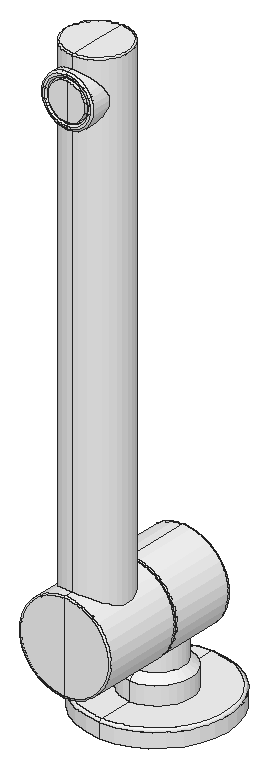
Revit family "Reece_Tap_Posh_Solus MK2_Bath Outlet_Swivel", category Plumbing Fixtures, host Face, Revit 2018
Family settings
  Host = Face
  Round Connector Dimension = Use Diameter
  Part Type = Normal
  Cut with Voids When Loaded = No
  Shared = Yes
  Room Calculation Point = Yes
Parameters
  WFU = 0  # constant formula
  URL = "https://www.reece.com.au/product/-9508300"
  Type Comments = "Tap"
  Reece_Tap_Reach = 227 mm  # constant formula
  Reece_Tap_Inlet = 12 mm  # constant formula
  Reece_Product_Web Page = "https://www.reece.com.au/product/-9508300"
  Reece_Product_Type = "Tap"  # constant formula
  Reece_Product_Sub Brand = "Solus"  # constant formula
  Reece_Product_Number = "9508300"
  Reece_Product_Mount = "Wall Mounted"
  Reece_Product_Description = "Posh Solus MK2 Swivel Bath Outlet Chrome"
  Reece_Product_Brand = "Posh"  # constant formula
  Reece_Overall_Length = 242 mm  # constant formula
  Reece_Overall_Height = 72 mm  # constant formula
  Reece_Material-Main = Reece_Brass_Chrome
  Reece_Detail_Installation = ""
  Reece_Detail_Disclaimer = "THIS FILE IS THE PROPERTY OF THE REECE GROUP. IT MAY NOT BE REPRODUCED, REVERSE-ENGINEERED OR MODIFIED. ANY REPUBLICATION, TRANSMISSION OR DISTRIBUTION FOR THE PURPOSE OF COMMERCIALLY EXPLOITING THE FILES IS PROHIBITED."  # constant formula
  Reece_Detail_Connector = ""
  Reece_Detail_Additional = ""
  Model = "Solus"
  Manufacturer = "Posh"
  Keynote = "Product #9508300, Reece_Tap_Posh_Solus MK2_Bath Outlet_Swivel -  "
  HWFU = 0  # constant formula
  Disclaimer = "THIS FILE IS THE PROPERTY OF THE REECE GROUP. IT MAY NOT BE REPRODUCED, REVERSE-ENGINEERED OR MODIFIED. ANY REPUBLICATION, TRANSMISSION OR DISTRIBUTION FOR THE PURPOSE OF COMMERCIALLY EXPLOITING THE FILES IS PROHIBITED."  # constant formula
  Description = "Posh Solus MK2 Swivel Bath Outlet Chrome"
  Default Elevation = 1000 mm
  CWFU = 0  # constant formula
Types (2, lengths in mm): name | Keynote
  (no name) | "Product #9508300, Reece_Tap_Posh_Solus MK2_Bath Outlet_Swivel -  "
  242 mm_Chrome | "Product #9508300, Reece_Tap_Posh_Solus MK2_Bath Outlet_Swivel - 242 mm_Chrome"
Reference planes
  plane 1 "Center (Front/Back)": y = 0
  plane 2 "Bottom": z = 0
  plane 3 "Center (Left/Right)": x = 0
  plane 4: y = 27.5
  plane 5: y = -44.5
  plane 6: z = 227
  plane 7: z = 242
Forms (mm)
  Revolve 1, solid, material "Reece_Brass_Chrome" <- "Reece_Material-Main"
    sketch origin (0, 200, -2) x (0, 1, 0) y (0, 0, 1)
      loop
        line (-228.75, 244) -> (-240.25, 244)
        arc (-240.25, 244) -> (-240.604, 243.854) -> (-240.75, 243.5) r 0.5
        line (-240.75, 243.5) -> (-240.75, 49) -> (-239.75, 49) -> (-239.75, 242.5) -> (-228.75, 242.5) -> (-228.75, 244)
      axis (-228.75, 49) -> (-228.75, 244)
    angle from 0 to 360
  Revolve 2, solid, material "Reece_Brass_Chrome" <- "Reece_Material-Main"
    sketch origin (0, -24.684, -11) x (0, 1, 0) y (0, 0, 1)
      loop
        line (-18.966, 245.049) -> (-18.966, 238) -> (-6.458, 238) -> (-6.458, 248) -> (-18.254, 248) -> (-18.966, 247.288) -> (-18.966, 246.498) -> (-18.318, 245.849) -> (-16.968, 245.849) -> (-16.968, 245.049) -> (-18.966, 245.049)
      axis (-6.458, 238) -> (-18.966, 238)
    angle from 0 to 360
  Revolve 3, solid, material "Reece_Brass_Chrome" <- "Reece_Material-Main"
    sketch origin (0, 0, 85) x (0, 1, 0) y (0, 0, 1)
      loop
        line (0, -85) -> (27.5, -85) -> (27.5, -79.5)
        arc (27.5, -79.5) -> (27.207, -78.793) -> (26.5, -78.5) r 1
        line (26.5, -78.5) -> (13, -78.5) -> (13, -71.5) -> (10, -68.5) -> (10, -55.5) -> (0, -55.5) -> (0, -85)
      axis (0, -55.5) -> (0, -85)
    angle from 0 to 360
  Revolve 4, solid, material "Reece_Brass_Chrome" <- "Reece_Material-Main"
    sketch origin (0, 0, 0) x (0, 1, 0) y (0, 0, 1)
      loop
        line (13, 39) -> (13, 56)
        arc (13, 56) -> (12.854, 56.354) -> (12.5, 56.5) r 0.5
        line (12.5, 56.5) -> (-12.5, 56.5)
        arc (-12.5, 56.5) -> (-12.854, 56.354) -> (-13, 56) r 0.5
        line (-13, 56) -> (-13, 39) -> (13, 39)
      axis (13, 39) -> (-13, 39)
    angle from 0 to 360
  Revolve 5, solid, material "Reece_Brass_Chrome" <- "Reece_Material-Main"
    sketch origin (0, -26, 0) x (0, -1, 0) y (0, 0, 1)
      loop
        line (18.5, 39) -> (18.5, 56)
        arc (18.5, 56) -> (18.354, 56.354) -> (18, 56.5) r 0.5
        line (18, 56.5) -> (-12.5, 56.5)
        arc (-12.5, 56.5) -> (-12.854, 56.354) -> (-13, 56) r 0.5
        line (-13, 56) -> (-13, 39) -> (18.5, 39)
      axis (18.5, 39) -> (-13, 39)
    angle from 0 to 360
  Revolve 6, void
    sketch origin (0, 0, 0) x (1, 0, 0) y (0, 0, 1)
      loop
        line (0, 6.5) -> (-12, 6.5) -> (-12, -43.5) -> (0, -43.5) -> (0, 6.5)
      axis (0, 6.5) -> (0, -43.5)
    angle from 0 to 360
Cuts and joins
  joined: Revolve 1, Revolve 2, Revolve 3, Revolve 4, Revolve 5
Text (mm)
  text "Reece Copyright © 2018, Reece Ltd." at (-773.027, -259.146, 0), in view "Ref. Level"
  text "Reece ©" at (18.398, 187.624, 147.005), in view "Reece Preview"
Dimensions and locks
  "Reece_Overall_Length": plane 7 to plane 2 "Bottom"
  "Reece_Tap_Reach": plane 6 to plane 2 "Bottom"
  "Reece_Overall_Height": plane 5 to plane 4
  aligned and locked: plane 2 "Bottom" to host face
  aligned and locked: level to host face
Automatic sketch dimensions
  host sketch curve to host sketch curve = 380.785 mm
  host sketch curve to host sketch curve = 317.421 mm
  plane 7 to Revolve 1 sketch curve = 0 mm
  Revolve 1 sketch curve to plane 5 = 3.75 mm
  Revolve 1 sketch curve to Revolve 1 sketch curve = 0.5 mm
  Revolve 1 sketch curve to Revolve 1 sketch curve = 1 mm  (x2)
  level to Revolve 1 sketch curve = 0.866 mm
  Revolve 1 sketch curve to Revolve 1 sketch curve = 28.866 mm
  Revolve 2 sketch curve to plane 6 = 0 mm  (x2)
  Revolve 2 sketch curve to plane 5 = 0.85 mm  (x2)
  Revolve 2 sketch curve to Revolve 2 sketch curve = 0.649 mm  (x2)
  Revolve 2 sketch curve to Revolve 2 sketch curve = 0.712 mm  (x2)
  Revolve 2 sketch curve to Revolve 2 sketch curve = 1.349 mm
  plane 6 to Revolve 2 sketch curve = 7.049 mm
  Revolve 2 sketch curve to Revolve 2 sketch curve = 0.8 mm
  Revolve 2 sketch curve to Revolve 2 sketch curve = 0.79 mm
  plane 5 to Revolve 2 sketch curve = 4.029 mm
  Revolve 3 sketch curve to plane 1 "Center (Front/Back)" = 0 mm  (x2)
  level to Revolve 3 sketch curve = 0 mm
  Revolve 3 sketch curve to plane 4 = 0 mm
  Revolve 3 sketch curve to Revolve 3 sketch curve = 10 mm
  Revolve 3 sketch curve to Revolve 3 sketch curve = 3 mm  (x2)
  plane 4 to Revolve 3 sketch curve = 1 mm
  level to Revolve 3 sketch curve = 5.5 mm
  Revolve 3 sketch curve to Revolve 3 sketch curve = 7 mm
  Revolve 3 sketch curve to level = 30 mm
  Revolve 3 sketch curve to Revolve 3 sketch curve = 0 mm
  plane 1 "Center (Front/Back)" to Revolve 4 sketch curve = 13 mm
  Revolve 4 sketch curve to Revolve 4 sketch curve = 0.5 mm
  Revolve 4 sketch curve to plane 1 "Center (Front/Back)" = 12.5 mm
  Revolve 4 sketch curve to plane 1 "Center (Front/Back)" = 13 mm
  Revolve 4 sketch curve to plane 5 = 4.5 mm
  Revolve 4 sketch curve to Revolve 4 sketch curve = 2 mm
  Revolve 5 sketch curve to plane 5 = 0 mm
  plane 5 to Revolve 5 sketch curve = 0.5 mm
  Revolve 5 sketch curve to plane 1 "Center (Front/Back)" = 13.5 mm
  Revolve 5 sketch curve to plane 1 "Center (Front/Back)" = 13 mm
  plane 5 to Revolve 5 sketch curve = 3.5 mm
  Revolve 5 sketch curve to plane 4 = 13.5 mm
  Revolve 6 sketch curve to plane 3 "Center (Left/Right)" = 0 mm  (x2)
  Revolve 6 sketch curve to Revolve 6 sketch curve = 12 mm
  Revolve 6 sketch curve to level = 43.5 mm
  level to Revolve 6 sketch curve = 6.5 mm
  Revolve 6 sketch curve to Revolve 6 sketch curve = 5 mm
  Revolve 6 sketch curve to Revolve 6 sketch curve = 10 mm
  Revolve 1 sketch curve to Revolve 1 sketch curve = 11 mm
  Revolve 1 sketch curve to plane 5 = 15.75 mm
  Revolve 2 sketch curve to Revolve 2 sketch curve = 10.51 mm
  Revolve 2 sketch curve to Revolve 2 sketch curve = 6.458 mm
  level to Revolve 1 sketch curve = 47 mm
  Revolve 3 sketch curve to Revolve 3 sketch curve = 13 mm
  level to Revolve 4 sketch curve = 39 mm
  Revolve 4 sketch curve to Revolve 4 sketch curve = 17 mm
  Revolve 4 sketch curve to Revolve 4 sketch curve = 0 mm
  Revolve 5 sketch curve to level = 39 mm
  Revolve 5 sketch curve to Revolve 5 sketch curve = 17 mm
  Revolve 5 sketch curve to Revolve 5 sketch curve = 0 mm
Connectors
  piping at (0, 0, -9.564), diameter 12, driven by "Reece_Tap_Inlet"
    settings: on host face, index 1, connector inside diameter 609.6 mm, connector length 0 mm, flow factor 0, pipe flow 0.0 L/s, pressure drop 0.0 Pa, fitting loss kfactor 0, connector angle 0.00°, fixture units 0, engagement length 0 mm, angle of deflection 0.00°, flow configuration 0, flow direction 1, fitting loss method 0, system type 29, joint type 0, gender type 0, connector reference index -1, connector utility 0, adjustable connector no, is connector primary yes, connector description ""
